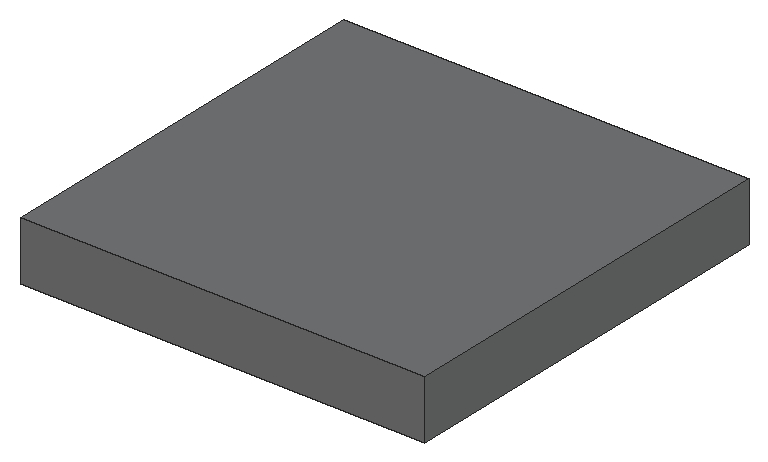
Revit family "Gira_0270005", category Electrical Fixtures, host Face, Revit 2017
Family settings
  Host = Face
  Maintain Annotation Orientation = No
  Round Connector Dimension = Use Diameter
  Part Type = Normal
  Cut with Voids When Loaded = No
  Shared = No
  Room Calculation Point = No
Parameters (values of type "Abd. UAE/IAE + Netzwerk System 55 Schwarz m")
  Zusammenstellung = "Zentralplatte"
  Werkstoffgüte = "sonstige"
  Werkstoff = "Kunststoff"
  Verwendung = "UAE/IAE"
  URL = "http://katalog.gira.de/de_DE/datenblatt.html?artikelnr=0270005"
  Transparent = "No"
  Tragring = "No"
  Region = "DE"
  Oberfläche = "sonstige"
  Name = "Abd. UAE/IAE + Netzwerk System 55 Schwarz m"
  Montageart = "unter Putz"
  Mit Zugentlastung = "No"
  Mit Staubschutz = "No"
  Mit Klappdeckel = "No"
  Mit Aufdruck = "No"
  Manufacturer URL = "https://www.gira.de/"
  Lüsterklemme = "No"
  Keynote = "Sys55_Abdeckung_Schalten und Tasten"
  HeinzeBIM = "https://bimportal.heinze.de/bim/abd-uae-iae-netzwerk-system-55-schwarz-m/5a170906276820165f8bf9f128e8af3d14218ed3"
  Halogenfrei = "Yes"
  HAN = "0270005"
  Geeignet für Schutzart (IP) = "IP20"
  GTIN = "4010337036715"
  Farbe = "schwarz"
  Default Elevation = 1219.2 mm
  Data sheet (1) = "https://katalog.gira.de/de_DE/download.html?artikelnr=0270005"
  Category = "Einsatz/Abdeckung für Kommunikationstechnik"
  Beschriftungsfeld = "ohne Beschriftungsfeld"
  Befestigungsart = "Befestigung mit Schraube"
  Available = "Yes"
  Ausführung der Oberfläche = "matt"
  Anthrazit [instance] = Anthrazit
Reference planes
  plane 1 "Center (Front/Back)": y = 0
  plane 2: z = 0
  plane 3 "Center (Left/Right)": x = 0
Forms (mm)
  Extrusion 1, solid, material "Anthrazit" <- "Anthrazit", detail levels fine
    sketch origin (0, 0, 0) x (1, 0, 0) y (0, 1, 0)
      loop
        line (-27.5, 27.5) -> (-27.5, -27.5) -> (27.5, -27.5) -> (27.5, 27.5) -> (-27.5, 27.5)
    from 0 to 8
  Extrusion 2, void
    sketch origin (0, 0, 0) x (1, 0, 0) y (0, 1, 0)
      loop
        line (26, 26) -> (-26, 26) -> (-26, -26) -> (26, -26) -> (26, 26)
    from 0 to 6
  Extrusion 3, solid, material "Anthrazit" <- "Anthrazit", detail levels medium
    sketch origin (0, 0, 0) x (1, 0, 0) y (0, 1, 0)
      loop
        line (-27.5, 27.5) -> (-27.5, -27.5) -> (27.5, -27.5) -> (27.5, 27.5) -> (-27.5, 27.5)
    from 0 to 8
  Extrusion 4, solid, material "Anthrazit" <- "Anthrazit", detail levels medium
    sketch origin (0, 0, 0) x (1, 0, 0) y (0, 1, 0)
      loop
        line (11, -17.5) -> (11, 17.5) -> (-11, 17.5) -> (-11, -17.5) -> (11, -17.5)
    from -6 to 6
  Extrusion 5, solid, material "Anthrazit" <- "Anthrazit", detail levels fine
    sketch origin (0, 0, 0) x (1, 0, 0) y (0, 1, 0)
      loop
        line (11, 17.5) -> (-11, 17.5) -> (-11, 16.5) -> (11, 16.5) -> (11, 17.5)
      loop
        line (-11, -16.5) -> (-11, -17.5) -> (11, -17.5) -> (11, -16.5) -> (-11, -16.5)
    from -4 to 6
  Extrusion 6, solid, material "Anthrazit" <- "Anthrazit", detail levels fine
    sketch origin (0, 0, 0) x (1, 0, 0) y (0, 1, 0)
      loop
        arc (5, 9.347) -> (0, 10.6) -> (-5, 9.347) r 10.6
        line (-5, 9.347) -> (-5, -9.347)
        arc (-5, -9.347) -> (0, -10.6) -> (5, -9.347) r 10.6
        line (5, -9.347) -> (5, 9.347)
    from -6 to 6
  Extrusion 7, solid, material "Anthrazit" <- "Anthrazit", detail levels coarse
    sketch origin (0, 0, 0) x (1, 0, 0) y (0, 1, 0)
      loop
        line (-27.5, 27.5) -> (-27.5, -27.5) -> (27.5, -27.5) -> (27.5, 27.5) -> (-27.5, 27.5)
    from -6 to 8
Cuts and joins
  Extrusion 2 cuts Extrusion 1
Dimensions and locks
  aligned and locked: plane 2 to host face
  aligned and locked: level to host face
